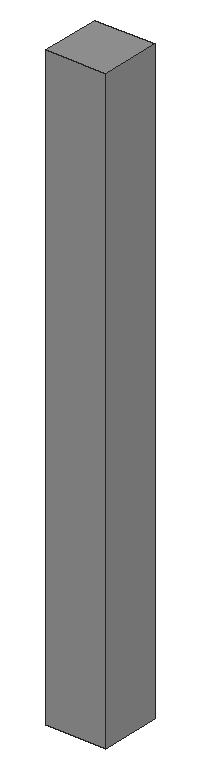
Revit family "Bridge_Columns", category Generic Models, Revit 2020
Family settings
  Can host rebar = No
  Round Connector Dimension = Use Diameter
  Part Type = Normal
  Work Plane-Based = No
  Always vertical = Yes
  Cut with Voids When Loaded = No
  Shared = No
  Room Calculation Point = No
Parameters
  Workplane = 90 m
  Width = 1 m
  Visible_Bearings = yes
  URL = "http://www.rpbridge.net/rpco.htm"
  Thickness = 1 m
  Structural_Frame_Brand = "Kloostermann"
  Requirements_Allocated = ""
  Replaceable_bearings = yes
  Reliability_Class = "CC3"
  Model = "New Phase"
  Material_Type = "Concrete"
  Masonry_Front_Wall = yes
  Manufacturer = "Royal HaskoningDHV - TU Delft"
  Load_Capacity = 400
  Length = 10 m
  Headroom = 10 m
  Future_Expansion_Feasibility = yes
  Edge_Ridge_Presence = yes
  Earthquake_Resistance = yes
  Durability_Class = "MX4"
  Design_Life = 100
  Description = "Columns of the proposed new bridge"
  Deicing_Prevention = yes
  Default Elevation = 0 m
  Concrete_Grade = "M40"
  Column_Space_Material = "Basalt Split"
  Chloride_Protection = yes
  Brick_Type = "Groningen Red Brick"
  Bottom_Lighting = yes
  Beam_Visibility = yes
  Assembly Code = "VD002"
  Anti_Graffiti_Coating = yes
Reference planes (m)
  plane 1 "Center (Front/Back)": y = 0
  plane 2: z = 0
  plane 3 "Center (Left/Right)": x = 0
Forms (m)
  Extrusion 1, solid, material "Concrete, Block pattern formwork"
    sketch origin (0.04, 0, 0) x (1, 0, 0) y (0, 1, 0)
      loop
        line (-1.387481, 0) -> (-1.387481, -1) -> (-0.394199, -1) -> (-0.394199, 0) -> (-1.387481, 0)
    from 0 to 10
Dimensions and locks (m)
  aligned and locked: level to plane 2
